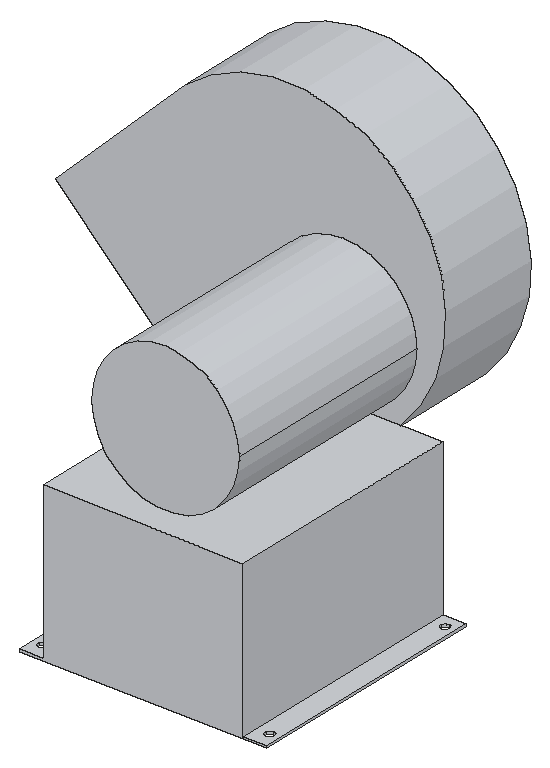
Revit family "CPFD_CCW_TAD", category Mechanical Equipment, Revit 2019
Family settings
  Round Connector Dimension = Use Radius
  Part Type = Normal
  Work Plane-Based = No
  Always vertical = Yes
  Cut with Voids When Loaded = No
  Shared = No
  Room Calculation Point = No
Parameters (values of type "10_CPFD_CCW_TAD")
  Unit Weight [instance] = ""
  T_SQ/2 = T_SQ / 2  # 1' - 4"
  T_SQ = 2' - 8"
  Sones [instance] = ""
  SPACE = 0' - 3"
  S = 0' - 6 7/16"
  R = 0' - 1 3/4"
  Q = 0' - 4 15/16"
  P/6 = P / 6  # 0' - 1 1/2"
  P/2 = P / 2  # 0' - 4 1/2"
  P = 0' - 9"
  N/2 = N / 2  # 0' - 0 9/32"
  N = 0' - 0 9/16"
  Motor RPM [instance] = ""
  Motor Enclosure [instance] = ""
  ModelID [instance] = ""
  M = 0' - 4 5/8"
  LwA [instance] = ""
  L = 0' - 9 7/8"
  K = 0' - 1"
  J = 1' - 1 3/4"
  H/2 = H / 2  # 0' - 7 1/8"
  H-1.5" = H - 0' 1 1/2"  # 1' - 0 3/4"
  H = 1' - 2 1/4"
  G-Q = 0' - 5 49/128"
  G-1" = G - 0' 1"  # 1' - 5"
  G = 1' - 6"
  Fan RPM [instance] = ""
  F+1.25" = -(F + 0' 1 1/4")  # -0' - 7 5/8"
  F+.25" = -(F + 0' 0 1/4")  # -0' - 6 5/8"
  F = 0' - 6 3/8"
  E+.25" = E + 0' 0 1/4"  # 0' - 11 5/8"
  E = 0' - 11 3/8"
  D-S = D - S  # 0' - 7 15/16"
  D+R = D + R  # 1' - 4 1/8"
  D = 1' - 2 3/8"
  C/2 = C / 2  # 1' - 0 1/16"
  C = 2' - 0 1/8"
  B/2 = B / 2  # 0' - 11 1/8"
  B-F-2" = B - F - 0' 2"  # 1' - 1 7/8"
  B-F-.25" = B - F - 0' 0 1/4"  # 1' - 3 5/8"
  B = 1' - 10 1/4"
  Accessories [instance] = ""
  A/2 = A / 2  # 0' - 7 3/4"
  A = 1' - 3 1/2"
  45_ = 45.00°
  45 = 315.00°  # constant formula
  3" = 0' - 3"  # constant formula
  Brake Hp [instance] = ""
  4" = 0' - 4"  # constant formula
  2' = 2' - 0"
  2" = 0' - 2"  # constant formula
  1" = 0' - 1"  # constant formula
  0 = 0' - 0"  # constant formula
  Voltage [instance] = 0 V
  URL = "www.lorencook.com"
  Type Comments = "Forward Curved Centrifugal Blower Direct Drive Counter-Clockwise Top Angular Down Arrangement 4"  # constant formula
  Static Pressure [instance] = 0.00 in-wg
  Power [instance] = Voltage * Motor FLA * sqrt(if(Phase = 3, 3, 1))  # 0 VA
  Phase [instance] = 0
  Number of Poles [instance] = 1
  Motor Hp [instance] = "0"
  Motor FLA [instance] = 0 A
  Model = "CPFD_CCW_TAD"  # constant formula
  Manufacturer = "Loren Cook Company"
  CFM [instance] = 0 CFM
  1.5 = 0' - 1 1/2"  # constant formula
  ONE EIGTH = 0' - 0 1/8"  # constant formula
  (P/2)-.125" = (P / 2) - 0' 0 1/8"  # 0' - 4 3/8"
Types (6): name | SPACE | S | R | Q | P/6 | P/2 | P | N/2 | N | M | L | J | H/2 | H-1.5" | H | G-1" | G | F+1.25" | F+.25" | F | E+.25" | E | D-S | D+R | D | C/2 | C | B/2 | B-F-2" | B-F-.25" | B | A/2 | A | (P/2)-.125"
  (no name) | 0' - 3" | 0' - 6 7/16" | 0' - 1 3/4" | 0' - 4 15/16" | 0' - 1 1/2" | 0' - 4 1/2" | 0' - 9" | 0' - 0 9/32" | 0' - 0 9/16" | 0' - 4 5/8" | 0' - 9 7/8" | 1' - 1 3/4" | 0' - 7 1/8" | 1' - 0 3/4" | 1' - 2 1/4" | 1' - 5" | 1' - 6" | -0' - 7 5/8" | -0' - 6 5/8" | 0' - 6 3/8" | 0' - 11 5/8" | 0' - 11 3/8" | 0' - 7 15/16" | 1' - 4 1/8" | 1' - 2 3/8" | 1' - 0 1/16" | 2' - 0 1/8" | 0' - 11 1/8" | 1' - 1 7/8" | 1' - 3 5/8" | 1' - 10 1/4" | 0' - 7 3/4" | 1' - 3 1/2" | 0' - 4 3/8"
  6_CPFD_CCW_TAD | 0' - 2" | 0' - 4 3/8" | 0' - 1 1/4" | 0' - 3 11/16" | 0' - 1.16667" | 0' - 3 1/2" | 0' - 7" | 0' - 0 7/32" | 0' - 0 7/16" | 0' - 3 5/8" | 0' - 4 5/8" | 0' - 10 3/4" | 0' - 6 1/4" | 0' - 11" | 1' - 0 1/2" | 1' - 0 1/16" | 1' - 1 1/16" | -0' - 5 7/8" | -0' - 4 7/8" | 0' - 4 5/8" | 0' - 8 1/8" | 0' - 7 7/8" | 0' - 3 3/4" | 0' - 9 3/8" | 0' - 8 1/8" | 0' - 7 15/32" | 1' - 2 15/16" | 0' - 9 1/4" | 0' - 11 7/8" | 1' - 1 5/8" | 1' - 6 1/2" | 0' - 6 3/4" | 1' - 1 1/2" | 0' - 3 3/8"
  7_CPFD_CCW_TAD | 0' - 2 1/2" | 0' - 4 3/4" | 0' - 1 1/4" | 0' - 3 7/8" | 0' - 1.16667" | 0' - 3 1/2" | 0' - 7" | 0' - 0 7/32" | 0' - 0 7/16" | 0' - 3 5/8" | 0' - 7 1/8" | 1' - 0 1/4" | 0' - 6 1/4" | 0' - 11" | 1' - 0 1/2" | 1' - 0 3/4" | 1' - 1 3/4" | -0' - 6 5/8" | -0' - 5 5/8" | 0' - 5 3/8" | 0' - 8 5/8" | 0' - 8 3/8" | 0' - 5 7/8" | 0' - 11 7/8" | 0' - 10 5/8" | 0' - 9" | 1' - 6" | 0' - 10 1/8" | 1' - 0 7/8" | 1' - 2 5/8" | 1' - 8 1/4" | 0' - 6 3/4" | 1' - 1 1/2" | 0' - 3 3/8"
  9_CPFD_CCW_TAD | 0' - 2" | 0' - 5 1/2" | 0' - 1 9/16" | 0' - 4 3/8" | 0' - 1 1/2" | 0' - 4 1/2" | 0' - 9" | 0' - 0 9/32" | 0' - 0 9/16" | 0' - 4 5/8" | 0' - 7 5/8" | 1' - 1 3/4" | 0' - 6 3/8" | 0' - 11 1/4" | 1' - 0 3/4" | 0' - 10 1/2" | 0' - 11 1/2" | -0' - 7 1/8" | -0' - 6 1/8" | 0' - 5 7/8" | 0' - 10 1/8" | 0' - 9 7/8" | 0' - 5 5/8" | 1' - 0 11/16" | 0' - 11 1/8" | 0' - 9 29/32" | 1' - 7 13/16" | 0' - 10 7/8" | 1' - 1 7/8" | 1' - 3 5/8" | 1' - 9 3/4" | 0' - 7" | 1' - 2" | 0' - 4 3/8"
  10_CPFD_CCW_TAD | 0' - 3" | 0' - 6 7/16" | 0' - 1 3/4" | 0' - 4 15/16" | 0' - 1 1/2" | 0' - 4 1/2" | 0' - 9" | 0' - 0 9/32" | 0' - 0 9/16" | 0' - 4 5/8" | 0' - 9 7/8" | 1' - 1 3/4" | 0' - 7 1/8" | 1' - 0 3/4" | 1' - 2 1/4" | 1' - 5" | 1' - 6" | -0' - 7 5/8" | -0' - 6 5/8" | 0' - 6 3/8" | 0' - 11 5/8" | 0' - 11 3/8" | 0' - 7 15/16" | 1' - 4 1/8" | 1' - 2 3/8" | 1' - 0 1/16" | 2' - 0 1/8" | 0' - 11 1/8" | 1' - 1 7/8" | 1' - 3 5/8" | 1' - 10 1/4" | 0' - 7 3/4" | 1' - 3 1/2" | 0' - 4 3/8"
  12_CPFD_CCW_TAD | 0' - 4 1/4" | 0' - 7 1/16" | 0' - 2 1/2" | 0' - 5 11/16" | 0' - 2.08333" | 0' - 6 1/4" | 1' - 0 1/2" | 0' - 0 9/32" | 0' - 0 9/16" | 0' - 4 5/8" | 0' - 9 7/8" | 1' - 2 1/4" | 0' - 7 7/8" | 1' - 2 1/4" | 1' - 3 3/4" | 1' - 7 7/8" | 1' - 8 7/8" | -0' - 7 1/8" | -0' - 6 1/8" | 0' - 5 7/8" | 1' - 1 5/8" | 1' - 1 3/8" | 0' - 7 5/16" | 1' - 4 7/8" | 1' - 2 3/8" | 1' - 0 15/16" | 2' - 1 7/8" | 0' - 11 3/8" | 1' - 2 7/8" | 1' - 4 5/8" | 1' - 10 3/4" | 0' - 8 1/2" | 1' - 5" | 0' - 6 1/8"
Reference planes (in)
  plane 1 "Center (Front/Back)": y = 0
  plane 2: z = 0
  plane 3 "Center (Left/Right)": x = 0.40541
Forms (in)
  Extrusion 1, solid
    sketch origin (0, 0, 0) x (1, 0, 0) y (0, 0, 1)
      loop
        line (-7.34459, 0) -> (8.15541, 0) -> (8.15541, 0.125) -> (6.65541, 0.125) -> (6.65541, 9.875) -> (-5.84459, 9.875) -> (-5.84459, 0.125) -> (-7.34459, 0.125) -> (-7.34459, 0)
    from 0 to 15.625 <- "B-F-.25""
  Extrusion 2, solid
    sketch origin (0, 0, 0) x (1, 0, 0) y (0, 0, 1)
      loop
        circle (0.40541, 14.5) r 4.625
    from 0 to 13.875 <- "B-F-2""
  Extrusion 3, solid
    sketch origin (0, 0, 0) x (1, 0, 0) y (0, 0, 1)
      loop
        circle (0.40541, 14.375) r 4.5
      loop
        circle (0.40541, 14.375) r 4.375
    from -7.625 <- "F+1.25"" to -6.625 <- "F+.25""
  Extrusion 4, void
    sketch origin (0, 0, 0) x (1, 0, 0) y (0, 1, 0)
      loop
        circle (-6.71959, -14.625) r 0.28125
      loop
        circle (-6.71959, -0.875) r 0.28125
      loop
        circle (7.53041, -14.625) r 0.28125
      loop
        circle (7.53041, -0.875) r 0.28125
    from 0 to 0.125
  Extrusion 5, solid
    sketch origin (0, 0, 0) x (1, 0, 0) y (0, 0, 1)
      loop
        line (-17.59459, 16.125) -> (-9.55125, 8.08166) -> (-8.84414, 8.78877)
        arc (-8.84414, 8.78877) -> (6.88996, 17.16852) -> (-9.46959, 24.25) r 9.89362
        line (-9.46959, 24.25) -> (-17.59459, 16.125)
    from 0 to -6.625 <- "F+.25""
  Revolve 6, void
    sketch origin (0.40541, 0, 0) x (0, 1, 0) y (0, 0, 1)
      loop
        arc (6.625, 18.75) -> (6.18566, 17.68934) -> (5.125, 17.25) r 1.5
        line (5.125, 17.25) -> (5.125, 14.375) -> (6.625, 14.375) -> (6.625, 18.75)
      axis (5.125, 14.375) -> (6.625, 14.375)
    angle from 0 to 360
Cuts and joins
  Extrusion 4 cuts Extrusion 1
  Revolve 6 cuts Extrusion 3
  Revolve 6 cuts Extrusion 5
Lines and regions (in)
  model lines
    curve 1: line (0.40541, 0, 14.375) -> (-6.41946, 0, 21.19987)
Dimensions and locks (in)
  "A/2": plane 3 "Center (Left/Right)" to Extrusion 1 sketch curve
  "A/2": Extrusion 1 sketch curve to plane 3 "Center (Left/Right)"
  "1.5": Extrusion 1 sketch curve to Extrusion 1 sketch curve  (x2)
  "L": Extrusion 1 sketch curve to level
  "ONE EIGTH": Extrusion 1 sketch curve to Extrusion 1 sketch curve  (x2)
  "0": Extrusion 2 sketch curve to Extrusion 1
  "0": Extrusion 2 sketch curve to plane 3 "Center (Left/Right)"
  "M": Extrusion 2 sketch curve to Extrusion 1
  "0": Extrusion 3 sketch curve to plane 3 "Center (Left/Right)"  (x2)
  "K": Extrusion 1 to Extrusion 4 sketch curve  (x2)
  "J": Extrusion 4 sketch curve to Extrusion 4 sketch curve  (x2)
  "H/2": Extrusion 4 sketch curve to plane 3 "Center (Left/Right)"  (x4)
  locked: Extrusion 3 sketch curve to Extrusion 3 sketch curve
  "D": Extrusion 3 sketch curve to level
  "D": Revolve 6 sketch curve to level
  "0": Revolve 6 sketch curve to Revolve 6 sketch curve
  "P/6": Extrusion 5 to Revolve 6 sketch curve
  "(P/2)-.125"": Revolve 6 sketch curve to Revolve 6 sketch curve
  "D": level to curve 1
  "E": Extrusion 5 sketch curve to Extrusion 5 sketch curve
  "1"": Extrusion 5 sketch curve to Extrusion 5 sketch curve
  "0": curve 1 to Extrusion 5 sketch curve
  "G": plane 3 "Center (Left/Right)" to Extrusion 5 sketch curve
  "D+R": level to Extrusion 5 sketch curve
  "SPACE": Extrusion 5 sketch curve to cut or joined group of Extrusion 1, Extrusion 4
  "P/2": radius of Extrusion 3 sketch curve
  "(P/2)-.125"": radius of Extrusion 3 sketch curve
  "N/2": radius of Extrusion 4 sketch curve  (x4)
  "P/6": radius of Revolve 6 sketch curve
  "45": angle curve 1 to level
  "45_": angle cut or joined group of Extrusion 5, Revolve 6 to level
  "45_": angle Extrusion 5 sketch curve to level
Automatic sketch dimensions
  Extrusion 1 sketch curve to level = 0' - 0"
  Revolve 6 sketch curve to Revolve 6 sketch curve = 0' - 0"
  Revolve 6 sketch curve to Revolve 6 sketch curve = 0' - 2 3/4"
  curve 1 to plane 3 "Center (Left/Right)" = 0' - 0"
Connectors (in)
  electrical at (0.40541, -13.875, 14.5)
    settings: on Extrusion 2, index 1, voltage 0 V, apparent load 0 VA, apparent load phase1 0 VA, apparent load phase2 0 VA, apparent load phase3 0 VA, power factor 1, load classification "Other", number of poles 1, system type 30, power factor state 1, is connector primary yes, connector utility no, sub classification motor no, connector description ""
  hvac at (0.40541, 7.625, 14.375), driven by "P/2"
    settings: on Extrusion 3, index 4, duct flow 0 CFM, flow factor 0, pres drop 0.00 in-wg, loss coef 0, conn angle 0.00°, conn width 12", conn height 12", conn diameter 9", duct sys type 29, conn prof type 0, flow config 0, flow direction 1, loss method 0, conn ref index -1, conn util no, is conn primary yes, conn desc ""
  hvac at (-13.57292, 3.3125, 12.10333), driven by "E", driven by "F"
    settings: on cut or joined group of Extrusion 5, Revolve 6, index 5, duct flow 0 CFM, flow factor 0, pres drop 0.00 in-wg, loss coef 0, conn angle 0.00°, conn width 6 3/8", conn height 11 3/8", conn diameter 24", duct sys type 29, conn prof type 1, flow config 0, flow direction 2, loss method 0, conn ref index -1, conn util no, is conn primary no, conn desc ""
